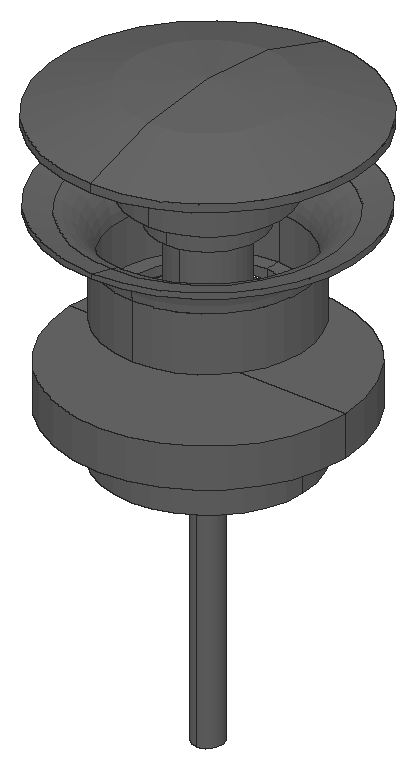
Revit family "Grohe_WasteSet_29510KF0", category Plumbing Fixtures, host Face, Revit 2019
Family settings
  Host = Face
  Round Connector Dimension = Use Diameter
  Part Type = Normal
  OmniClass Number = 23.45.05.00
  OmniClass Title = Sanitary Equipment
  Cut with Voids When Loaded = No
  Shared = No
  Room Calculation Point = No
Parameters (values of type "Waste Set (29510KF0)")
  _ObjectUserGuide = "https://www.bimstore.co/products/grohe-29510KF0/document/object-user-guide"
  _DistributedBy = "https://www.bimstore.co/"
  _CurrentRevision = 1
  _CreatedBy = "https://www.bimstore.co/"
  _BimSpecGuid = 0
  _BSBibleVersion = 17
  _AuthorizedBy = "bimstore"
  _Author = "AM 147"
  Waste Connection = yes
  WasherOffsetMin = 20.0 mm  # constant formula
  WasherOffsetMax = 70.0 mm  # constant formula
  WasherOffsetCalc [instance] = if(WasherOffset < WasherOffsetMin, WasherOffsetMin, if(WasherOffset > WasherOffsetMax, WasherOffsetMax, WasherOffset))  # 29.5 mm
  WasherOffset [instance] = 29.5 mm
  WarrantyStartDate [instance] = "Please Record On Commissioning."
  WarrantyGuarantorParts = "info-uk@grohe.com"
  WarrantyGuarantorLabor = "info-uk@grohe.com"
  WarrantyDurationUnit = "Years"
  WarrantyDurationParts = "0"
  WarrantyDurationLabor = "0"
  WarrantyDescription = "n/a"
  Vent Connection = no
  URL = "https://www.grohe.co.uk/"
  TypeName = "Waste Set (29510KF0)"
  Type Comments = "Waste Set (29510KF0)"
  TPIDocumentLink = "n/a"
  SustainabilityReport = "green.grohe.com/reporting"
  SustainabilityAward = "green.grohe.com/awards"
  SpareParts = "info-uk@grohe.com"
  Size = "n/a"
  Shape = "n/a"
  SerialNumber [instance] = "Please Record On Commissioning."
  ReplacementCost = "n/a"
  ReferencedStandard = "n/a"
  ProductionYear = "2023"
  ProductType = "Inlet-, Waste- +Overflow Fitti"
  ProductShortText = "Waste set with push-open plug"
  ProductPageURL = "https://www.grohe.co.uk/en_gb/-29510KF0.html"
  ProductNumber = "29510KF0"
  ProductDescription = "with push-open cover\r\r\nfor wash basins with overflow\r\r\nremovable cover\r\r\nclosable\r\r\nGROHE Long-Life Shine finish"
  PrimaryMaterial = Grohe_MattBlack
  PQDiagramLink = "n/a"
  NominalLength = 0.0 mm
  NominalHeight = 0.0 mm
  NominalDepth = 0.0 mm
  NBSReference = "45-35-70/372"
  NBSOfficeMasterTag = "n/a"
  NBSObjectName = "Grohe - Washbasin wastes"
  NBSNote = "n/a"
  NBSDescription = "Washbasin wastes"
  ModelReference = "Waste Set (29510KF0)"
  ModelNumber = "29510KF0"
  Model = "Waste Set (29510KF0)"
  Material = "n/a"
  ManufacturerName = "Grohe"
  Manufacturer = "Grohe"
  Keynote = "N13"
  InstallationDate [instance] = "Please Record On Commissioning."
  IfcExportType = "IfcPipeFittingType"
  IfcExportAs = "IfcPipeFitting"
  HW Connection = no
  Grade = "n/a"
  GROHESustainability = "green.grohe.com"
  GROHESocialCommittment = "green.grohe.com/social_engagement"
  FullRecyclabilityOfPlastic = "All plastic components are fully recyclable"
  Finish = "n/a"
  Features = "n/a"
  ExpectedLife = 0
  Ecojoy = no
  EF025336 = "FALSE"
  EF022339 = "0"
  EF022338 = "External thread cylindrical BS"
  EF022337 = "Other"
  EF022271 = "FALSE"
  EF022182 = "FALSE"
  EF021321 = "FALSE"
  EF020826 = "TRUE"
  EF020348 = "TRUE"
  EF013645 = "TRUE"
  EF013633 = "Black"
  EF013632 = "Brass"
  EF013621 = "FALSE"
  EF013619 = "FALSE"
  EF013618 = "FALSE"
  EF013617 = "Other"
  EF013612 = "TRUE"
  EF012637 = "FALSE"
  EF010904 = "TRUE"
  EF008277 = "Brass"
  EF005063 = "TRUE"
  EF000551 = 64.0 mm
  DurationUnit = "Years"
  DocumentationTechnical = "https://www.bimstore.co/products/grohe-29510KF0/document/technical-data-sheet"
  DocumentationMaintenance = "https://www.bimstore.co/products/grohe-29510KF0/document/maintenance-information"
  DocumentationLiterature = "https://www.bimstore.co/products/grohe-29510KF0/document/product-literature"
  DocumentationInstallationGuide = "https://www.bimstore.co/products/grohe-29510KF0/document/installation-guide"
  DocumentationCertificates = "https://www.bimstore.co/products/grohe-29510KF0/document/product-certificates"
  DimensionsDocumentLink = "https://cdn.cloud.grohe.com/dimdraw/1000/1200/1290/1293/1293043/1280/1293043.jpg"
  Description = "Waste Set (29510KF0)"
  Default Elevation = 0.0 mm
  CreatedOn = "2023-03-01T09:00:00"
  CreatedBy = "info-uk@grohe.com"
  CradleToCradleCertification = "n/a"
  Cost = 0
  Constituents = "n/a"
  Color = "Matt Black"
  CodePerformance = "n/a"
  ClassificationValue = "Pr_70_55_96_97"
  ClassificationName = "Uniclass2015"
  CW Connection = no
  CO2NeutralProduction = "GROHE is one of the first leading manufacturer within the sanitary industry having a CO2-neutral production."
  BarCode [instance] = "Please Record On Commissioning."
  BIMObjectName = "Grohe_WasteSet_29510KF0"
  AssetType = "Fixed"
  AssetIdentifier [instance] = "n/a"
  Assembly Code = "D2010"
  AccessibilityPerformance = "n/a"
Reference planes
  plane 1 "Center (Front/Back)": y = 0
  plane 2: z = 0
  plane 3 "Center (Left/Right)": x = 0
Forms (mm)
  Revolve 1, solid, material "Grohe_MattBlack" <- "PrimaryMaterial", detail levels medium+fine
    sketch origin (0, 0, 0) x (0, 1, 0) y (0, 0, 1)
      loop
        line (31.75, 16.905) -> (31.75, 18.535)
        arc (31.75, 18.535) -> (16.211, 23.445) -> (0, 25.105) r 80
        line (0, 25.105) -> (0, -103.045) -> (3, -103.045) -> (3, -27.395) -> (4.257, -27.395) -> (7.65, -24.002) -> (7.65, -2.395) -> (11, -2.395) -> (11, 3.405) -> (16, 3.405) -> (16, 16.905) -> (31.75, 16.905)
      axis (0, -103.045) -> (0, 25.105)
    angle from 0 to 360
  Revolve 2, solid, material "Grohe_MattBlack" <- "PrimaryMaterial", detail levels medium+fine
    sketch origin (0, 0, 0) x (0, 1, 0) y (0, 0, 1)
      loop
        line (31.4, 1.105) -> (26.187, -0.301)
        arc (26.187, -0.301) -> (21.147, -3.678) -> (19.2, -9.423) r 9.448
        line (19.2, -9.423) -> (19.2, -18.895) -> (16, -18.895) -> (16, -20.895) -> (20.3, -20.895) -> (20.3, -9.122)
        arc (20.3, -9.122) -> (21.949, -4.258) -> (26.216, -1.399) r 8
        line (26.216, -1.399) -> (31.4, 0) -> (31.4, 1.105)
      axis (0, 1.105) -> (0, -20.895)
    angle from 0 to 360
  Revolve 3, solid, material "Grohe_MattBlack" <- "PrimaryMaterial"
    sketch origin (50, 0, -29.5) x (-1, 0, 0) y (0, 0, -1)
      loop
        line (79.75, 8.5) -> (70.65, 8.5) -> (70.65, 18.5) -> (53, 18.5) -> (53, 0) -> (79.75, 0) -> (79.75, 8.5)
      axis (50, 18.5) -> (50, 0)
    angle from 0 to 360
  Revolve 4, solid, material "Grohe_MattBlack" <- "PrimaryMaterial", detail levels coarse
    sketch origin (0, 0, 0) x (0, 1, 0) y (0, 0, 1)
      loop
        line (31.75, 16.905) -> (31.75, 25.105) -> (0, 25.105) -> (0, -103.045) -> (3, -103.045) -> (3, -27.395) -> (16, -27.395) -> (16, 16.905) -> (31.75, 16.905)
      axis (0, -103.045) -> (0, 25.105)
    angle from 0 to 360
  Revolve 5, void
    sketch origin (0, 0, 0) x (0, 1, 0) y (0, 0, 1)
      loop
        line (28, 0) -> (0, 0) -> (0, -105) -> (28, -105) -> (28, 0)
      axis (0, -105) -> (0, 0)
    angle from 0 to 360
  Revolve 6, solid, material "Grohe_MattBlack" <- "PrimaryMaterial", detail levels coarse
    sketch origin (0, 0, 0) x (0, 1, 0) y (0, 0, 1)
      loop
        line (31.4, 1.105) -> (26.9, 1.105) -> (26.9, -20.895) -> (28, -20.895) -> (28, 0) -> (31.4, 0) -> (31.4, 1.105)
      axis (0, 1.105) -> (0, -20.895)
    angle from 0 to 360
Lines and regions (mm)
  reference lines
    curve 1: line (50, 0, -29.5) -> (-50, 0, -29.5)
Dimensions and locks
  "WasherOffsetCalc": host face to curve 1
  locked: level to Revolve 5 sketch curve at 105
  aligned and locked: plane 2 to host face
  aligned and locked: level to host face
  aligned and locked: Revolve 5 sketch curve to level
Automatic sketch dimensions
  host sketch curve to host sketch curve = 2438.4 mm  (x2)
  Revolve 1 sketch curve to plane 1 "Center (Front/Back)" = 0.0 mm  (x2)
  Revolve 1 sketch curve to plane 1 "Center (Front/Back)" = 3.0 mm
  Revolve 1 sketch curve to Revolve 1 sketch curve = 1.257 mm
  Revolve 1 sketch curve to Revolve 1 sketch curve = 3.393 mm  (x2)
  Revolve 1 sketch curve to Revolve 1 sketch curve = 3.35 mm
  Revolve 1 sketch curve to Revolve 1 sketch curve = 5.0 mm
  Revolve 1 sketch curve to Revolve 1 sketch curve = 15.75 mm
  Revolve 1 sketch curve to level = 103.045 mm
  Revolve 1 sketch curve to Revolve 1 sketch curve = 48.15 mm
  Revolve 1 sketch curve to level = 27.395 mm
  Revolve 1 sketch curve to level = 2.395 mm
  level to Revolve 1 sketch curve = 3.405 mm
  Revolve 1 sketch curve to Revolve 1 sketch curve = 13.5 mm
  Revolve 1 sketch curve to Revolve 1 sketch curve = 1.63 mm
  Revolve 1 sketch curve to Revolve 1 sketch curve = 0.0 mm
  Revolve 1 sketch curve to Revolve 1 sketch curve = 10.0 mm
  Revolve 3 sketch curve to curve 1 = 0.0 mm
  Revolve 3 sketch curve to curve 1 = 18.5 mm
  Revolve 3 sketch curve to curve 1 = 47.0 mm
  Revolve 3 sketch curve to curve 1 = 8.5 mm
  Revolve 3 sketch curve to Revolve 3 sketch curve = 17.65 mm
  Revolve 3 sketch curve to Revolve 3 sketch curve = 9.1 mm
  curve 1 to Revolve 3 sketch curve = 50.0 mm
  Revolve 3 sketch curve to curve 1 = 61.5 mm
  curve 1 to Revolve 3 sketch curve = 98.5 mm
  Revolve 4 sketch curve to plane 1 "Center (Front/Back)" = 0.0 mm  (x2)
  Revolve 4 sketch curve to Revolve 4 sketch curve = 3.0 mm
  Revolve 4 sketch curve to Revolve 4 sketch curve = 13.0 mm
  Revolve 4 sketch curve to Revolve 4 sketch curve = 15.75 mm
  Revolve 4 sketch curve to level = 103.045 mm
  Revolve 4 sketch curve to level = 27.395 mm
  level to Revolve 4 sketch curve = 16.905 mm
  Revolve 4 sketch curve to Revolve 4 sketch curve = 8.2 mm
  Revolve 4 sketch curve to Revolve 4 sketch curve = 0.0 mm
  Revolve 4 sketch curve to Revolve 4 sketch curve = 10.0 mm
  Revolve 5 sketch curve to plane 1 "Center (Front/Back)" = 0.0 mm  (x2)
  Revolve 5 sketch curve to level = 0.0 mm
  Revolve 5 sketch curve to Revolve 5 sketch curve = 28.0 mm
  Revolve 5 sketch curve to Revolve 5 sketch curve = 25.105 mm
  Revolve 6 sketch curve to plane 1 "Center (Front/Back)" = 0.0 mm
  Revolve 6 sketch curve to level = 0.0 mm
  level to Revolve 6 sketch curve = 1.105 mm
  Revolve 6 sketch curve to plane 1 "Center (Front/Back)" = 26.9 mm
  Revolve 6 sketch curve to Revolve 6 sketch curve = 1.1 mm
  Revolve 6 sketch curve to Revolve 6 sketch curve = 3.4 mm
  Revolve 6 sketch curve to level = 20.895 mm
  Revolve 6 sketch curve to level = 13.996 mm
  level to Revolve 6 sketch curve = 12.925 mm
  Revolve 2 sketch curve to plane 1 "Center (Front/Back)" = 0.0 mm
  Revolve 2 sketch curve to level = 0.0 mm
  Revolve 2 sketch curve to plane 1 "Center (Front/Back)" = 16.0 mm
  Revolve 2 sketch curve to Revolve 2 sketch curve = 3.2 mm
  Revolve 2 sketch curve to Revolve 2 sketch curve = 1.1 mm
  Revolve 2 sketch curve to level = 0.301 mm
  Revolve 2 sketch curve to level = 1.399 mm
  Revolve 2 sketch curve to Revolve 2 sketch curve = 0.029 mm
  Revolve 2 sketch curve to Revolve 2 sketch curve = 8.0 mm
  Revolve 2 sketch curve to Revolve 2 sketch curve = 0.348 mm
  level to Revolve 2 sketch curve = 1.105 mm
  Revolve 2 sketch curve to Revolve 2 sketch curve = 5.213 mm
  Revolve 2 sketch curve to Revolve 2 sketch curve = 9.472 mm
  Revolve 2 sketch curve to Revolve 2 sketch curve = 2.0 mm
  Revolve 2 sketch curve to level = 8.472 mm
  level to Revolve 2 sketch curve = 33.888 mm
  Revolve 2 sketch curve to Revolve 2 sketch curve = 2.113 mm
  curve 1 to plane 3 "Center (Left/Right)" = 50.0 mm
  plane 3 "Center (Left/Right)" to curve 1 = 50.0 mm
